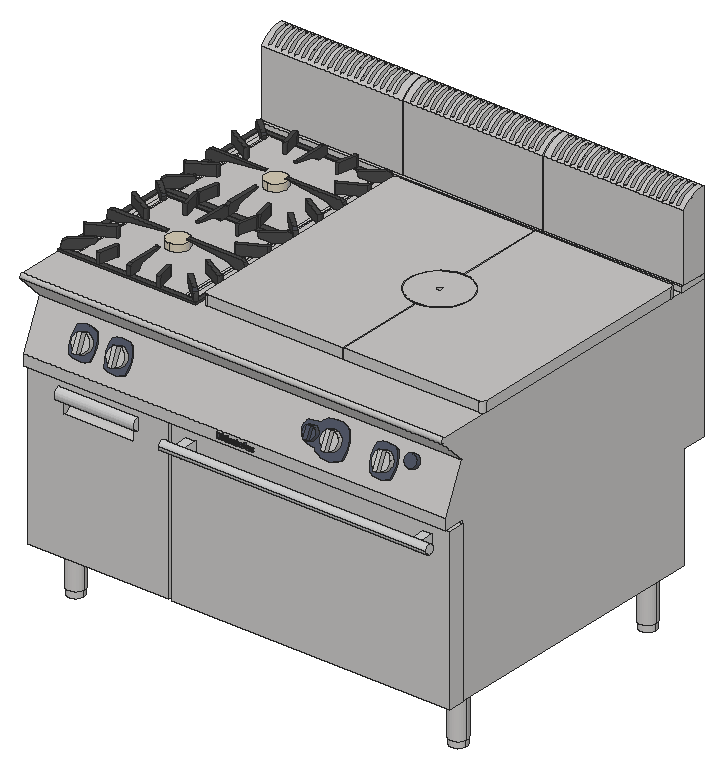
Revit family "QF_ELECTROLUXPROFESSIONAL_391215_E9STGL3031", category Specialty Equipment, Revit 2018 (continued)
Automatic sketch dimensions
  curve 115 to plane 4 "RIGHT" = 12.7 mm
  curve 114 to plane 4 "RIGHT" = 12.7 mm
  curve 69 to plane 4 "RIGHT" = 14.847 mm
  curve 13 to plane 4 "RIGHT" = 19.875 mm
  curve 68 to curve 70 = 9.296 mm
  curve 70 to curve 75 = 9.397 mm
  curve 72 to curve 74 = 9.296 mm
  curve 19 to plane 15 = 5.2 mm
  curve 76 to plane 15 = 3.768 mm
  plane 15 to curve 78 = 5.528 mm
  curve 78 to curve 80 = 9.397 mm
  plane 5 "FRONT" to curve 17 = 8.549 mm
  plane 15 to curve 17 = 20.2 mm
  curve 80 to curve 82 = 9.296 mm
  curve 82 to curve 84 = 9.397 mm
  curve 84 to curve 86 = 9.296 mm
  curve 86 to curve 88 = 9.397 mm
  curve 88 to curve 89 = 9.296 mm
  curve 89 to curve 93 = 9.397 mm
  curve 92 to curve 94 = 9.296 mm
  curve 94 to curve 99 = 9.397 mm
  curve 96 to curve 97 = 9.296 mm
  curve 97 to curve 24 = 9.397 mm
  curve 24 to curve 27 = 9.296 mm
  curve 26 to curve 28 = 9.397 mm
  curve 28 to curve 30 = 9.296 mm
  curve 30 to curve 32 = 9.397 mm
  curve 32 to curve 33 = 9.296 mm
  curve 33 to curve 36 = 9.397 mm
  curve 36 to curve 38 = 9.296 mm
  curve 40 to plane 18 = 8.842 mm
  plane 18 to curve 42 = 0.454 mm
  curve 42 to curve 44 = 9.397 mm
  curve 44 to curve 45 = 9.296 mm
  curve 45 to curve 48 = 9.397 mm
  curve 48 to curve 50 = 9.296 mm
  curve 50 to curve 52 = 9.397 mm
  curve 52 to curve 54 = 9.296 mm
  curve 53 to curve 56 = 9.397 mm
  curve 56 to curve 58 = 9.296 mm
  curve 58 to curve 60 = 9.397 mm
  curve 60 to curve 61 = 9.296 mm
  curve 61 to curve 65 = 9.397 mm
  curve 64 to curve 66 = 9.296 mm
  curve 66 to curve 20 = 9.397 mm
  curve 20 to curve 21 = 9.296 mm
  curve 21 to curve 110 = 16.57 mm
  plane 18 to curve 112 = 148.353 mm
  plane 8 "Center X" to curve 107 = 24.4 mm
  curve 110 to curve 107 = 1.245 mm
  curve 107 to curve 118 = 0.283 mm
  curve 116 to curve 111 = 0.04 mm
  curve 109 to curve 101 = 2.956 mm
  curve 111 to curve 106 = 2.634 mm
  curve 22 to curve 100 = 20.698 mm
  curve 206 to curve 100 = 0 mm
  curve 100 to curve 175 = 14.847 mm
  curve 174 to curve 175 = 9.296 mm
  curve 176 to curve 178 = 9.397 mm
  curve 178 to curve 181 = 9.296 mm
  curve 179 to curve 182 = 9.397 mm
  curve 182 to curve 184 = 9.296 mm
  curve 183 to curve 186 = 9.397 mm
  curve 186 to curve 187 = 9.296 mm
  curve 188 to curve 190 = 9.397 mm
  curve 190 to curve 191 = 9.296 mm
  curve 191 to curve 195 = 9.397 mm
  curve 194 to curve 196 = 9.296 mm
  curve 196 to curve 201 = 9.397 mm
  curve 198 to curve 201 = 9.296 mm
  curve 200 to curve 205 = 9.397 mm
  curve 202 to curve 205 = 9.296 mm
  curve 204 to curve 130 = 9.397 mm
  curve 130 to curve 132 = 9.296 mm
  curve 132 to curve 137 = 9.397 mm
  plane 7 "Center Y" to curve 136 = 7.624 mm
  curve 141 to plane 7 "Center Y" = 1.773 mm
  curve 138 to curve 140 = 9.296 mm
  curve 140 to curve 145 = 9.397 mm
  curve 142 to curve 144 = 9.296 mm
  curve 144 to curve 146 = 9.397 mm
  curve 146 to curve 147 = 9.296 mm
  curve 147 to curve 150 = 9.397 mm
  curve 150 to curve 152 = 9.296 mm
  curve 151 to curve 154 = 9.397 mm
  curve 154 to curve 157 = 9.296 mm
  curve 155 to curve 158 = 9.397 mm
  curve 158 to curve 160 = 9.296 mm
  curve 160 to curve 162 = 9.397 mm
  curve 162 to curve 165 = 9.296 mm
  plane 5 "FRONT" to curve 121 = 8.549 mm
  curve 121 to plane 7 "Center Y" = 123.8 mm
  curve 163 to curve 166 = 9.397 mm
  curve 166 to curve 168 = 9.296 mm
  curve 121 to curve 120 = 25.4 mm
  curve 167 to curve 171 = 9.397 mm
  curve 170 to curve 173 = 9.296 mm
  curve 172 to curve 126 = 9.397 mm
  curve 126 to curve 127 = 9.296 mm
  plane 5 "FRONT" to curve 18 = 7.049 mm
  curve 18 to curve 18 = 30.925 mm
  curve 102 to plane 11 = 13.3 mm
  curve 127 to curve 102 = 4.298 mm
  plane 12 to curve 104 = 31.371 mm
  curve 120 to curve 104 = 34.4 mm
  curve 102 to curve 102 = 12.7 mm
  curve 128 to curve 207 = 20.698 mm
  curve 10 to plane 3 "LEFT" = 100 mm
  curve 10 to plane 1 "BACK" = 100 mm
  plane 1 "BACK" to curve 181 = 6.761 mm
  plane 1 "BACK" to curve 182 = 6.761 mm
  plane 1 "BACK" to curve 177 = 6.761 mm
  plane 1 "BACK" to curve 204 = 6.761 mm
  plane 1 "BACK" to curve 201 = 6.761 mm
  plane 1 "BACK" to curve 173 = 6.761 mm
  plane 1 "BACK" to curve 197 = 6.761 mm
  plane 1 "BACK" to curve 20 = 6.761 mm
  plane 1 "BACK" to curve 169 = 6.761 mm
  plane 1 "BACK" to curve 24 = 6.761 mm
  plane 1 "BACK" to curve 165 = 6.761 mm
  plane 1 "BACK" to curve 28 = 6.761 mm
  plane 1 "BACK" to curve 161 = 6.761 mm
  plane 1 "BACK" to curve 32 = 6.761 mm
  plane 1 "BACK" to curve 157 = 6.761 mm
  plane 1 "BACK" to curve 186 = 6.761 mm
  plane 1 "BACK" to curve 36 = 6.761 mm
  plane 1 "BACK" to curve 153 = 6.761 mm
  plane 1 "BACK" to curve 40 = 6.761 mm
  plane 1 "BACK" to curve 149 = 6.761 mm
  plane 1 "BACK" to curve 44 = 6.761 mm
  plane 1 "BACK" to curve 145 = 6.761 mm
  plane 1 "BACK" to curve 48 = 6.761 mm
  plane 1 "BACK" to curve 141 = 6.761 mm
  plane 1 "BACK" to curve 52 = 6.761 mm
  plane 1 "BACK" to curve 137 = 6.761 mm
  plane 1 "BACK" to curve 56 = 6.761 mm
  plane 1 "BACK" to curve 133 = 6.761 mm
  plane 1 "BACK" to curve 60 = 6.761 mm
  plane 1 "BACK" to curve 129 = 6.761 mm
  plane 1 "BACK" to curve 64 = 6.761 mm
  plane 1 "BACK" to curve 190 = 6.761 mm
  plane 1 "BACK" to curve 68 = 6.761 mm
  plane 1 "BACK" to curve 72 = 6.761 mm
  plane 1 "BACK" to curve 99 = 6.761 mm
  plane 1 "BACK" to curve 76 = 6.761 mm
  plane 1 "BACK" to curve 95 = 6.761 mm
  plane 1 "BACK" to curve 80 = 6.761 mm
  plane 1 "BACK" to curve 91 = 6.761 mm
  plane 1 "BACK" to curve 84 = 6.761 mm
  curve 134 to curve 135 = 59.15 mm
  curve 160 to curve 159 = 59.15 mm
  curve 156 to curve 158 = 0 mm
  curve 152 to curve 154 = 0 mm
  curve 148 to curve 150 = 0 mm
  curve 144 to curve 146 = 0 mm
  curve 140 to curve 142 = 0 mm
  curve 188 to curve 188 = 59.15 mm
  curve 132 to curve 134 = 0 mm
  curve 204 to curve 130 = 0 mm
  curve 184 to curve 186 = 0 mm
  curve 180 to curve 182 = 0 mm
  curve 200 to curve 202 = 0 mm
  curve 176 to curve 178 = 0 mm
  curve 196 to curve 198 = 0 mm
  curve 172 to curve 102 = 36.089 mm
  curve 168 to curve 170 = 0 mm
  curve 171 to curve 128 = 0 mm
  curve 164 to curve 166 = 0 mm
  curve 187 to curve 190 = 0 mm
  curve 68 to curve 68 = 59.15 mm
  curve 66 to curve 101 = 36.089 mm
  curve 28 to curve 29 = 59.15 mm
  curve 28 to curve 26 = 0 mm
  curve 64 to curve 62 = 0 mm
  curve 22 to curve 65 = 0 mm
  curve 60 to curve 58 = 0 mm
  curve 56 to curve 54 = 0 mm
  curve 72 to curve 69 = 0 mm
  curve 86 to curve 73 = 0 mm
  curve 52 to curve 50 = 0 mm
  curve 24 to curve 98 = 0 mm
  curve 48 to curve 46 = 0 mm
  curve 76 to curve 73 = 0 mm
  curve 44 to curve 42 = 0 mm
  curve 96 to curve 94 = 0 mm
  curve 40 to curve 38 = 0 mm
  curve 80 to curve 77 = 0 mm
  curve 36 to curve 34 = 0 mm
  curve 92 to curve 90 = 0 mm
  curve 174 to curve 100 = 3.939 mm
  curve 6 to curve 7 = 6.35 mm
  curve 115 to plane 11 = 26 mm
  curve 110 to curve 107 = 85.486 mm
  curve 111 to curve 107 = 0.006 mm
  curve 107 to curve 117 = 2.881 mm
  curve 118 to curve 107 = 6.999 mm
  curve 107 to curve 111 = 0 mm
  curve 111 to curve 116 = 0.001 mm
  plane 12 to curve 114 = 31.371 mm
  plane 5 "FRONT" to curve 19 = 7.049 mm
  curve 125 to curve 121 = 1.5 mm
  curve 18 to curve 13 = 25.4 mm
  curve 2 to plane 13 = 0.129 mm
  Revolve 1 sketch curve to plane 9 "Base" = 0 mm  (x2)
  Revolve 1 sketch curve to level = 0 mm
  Revolve 1 sketch curve to plane 16 = 0 mm  (x2)
  Revolve 1 sketch curve to plane 16 = 22.9 mm
  Revolve 1 sketch curve to Revolve 1 sketch curve = 2.5 mm
  level to Revolve 1 sketch curve = 19.05 mm
  plane 9 "Base" to Revolve 1 sketch curve = 20 mm
  Revolve 2 sketch curve to plane 9 "Base" = 0 mm  (x2)
  Revolve 2 sketch curve to level = 0 mm
  Revolve 2 sketch curve to plane 16 = 0 mm  (x2)
  Revolve 2 sketch curve to plane 16 = 22.9 mm
  Revolve 2 sketch curve to Revolve 2 sketch curve = 2.5 mm
  level to Revolve 2 sketch curve = 19.05 mm
  plane 9 "Base" to Revolve 2 sketch curve = 20 mm
  Revolve 3 sketch curve to plane 9 "Base" = 0 mm  (x2)
  Revolve 3 sketch curve to level = 0 mm
  plane 15 to Revolve 3 sketch curve = 0 mm  (x2)
  Revolve 3 sketch curve to plane 15 = 22.9 mm
  Revolve 3 sketch curve to Revolve 3 sketch curve = 2.5 mm
  plane 9 "Base" to Revolve 3 sketch curve = 20 mm
  level to Revolve 3 sketch curve = 19.05 mm
  Revolve 4 sketch curve to plane 9 "Base" = 0 mm  (x2)
  Revolve 4 sketch curve to level = 0 mm
  plane 15 to Revolve 4 sketch curve = 0 mm  (x2)
  Revolve 4 sketch curve to plane 15 = 22.9 mm
  Revolve 4 sketch curve to Revolve 4 sketch curve = 2.5 mm
  plane 9 "Base" to Revolve 4 sketch curve = 20 mm
  level to Revolve 4 sketch curve = 19.05 mm
  Extrusion 5 sketch curve to plane 10 = 0 mm
  Extrusion 5 sketch curve to plane 9 "Base" = 0 mm
  Extrusion 5 sketch curve to plane 1 "BACK" = 0 mm
  Extrusion 5 sketch curve to plane 12 = 52.222 mm
  Extrusion 5 sketch curve to Extrusion 5 sketch curve = 3.175 mm
  Extrusion 5 sketch curve to Extrusion 5 sketch curve = 0.442 mm
  Extrusion 5 sketch curve to plane 12 = 58.266 mm
  Extrusion 5 sketch curve to plane 5 "FRONT" = 14.167 mm
  Extrusion 5 sketch curve to plane 5 "FRONT" = 8.63 mm
  Extrusion 5 sketch curve to plane 5 "FRONT" = 2.528 mm
  Extrusion 5 sketch curve to plane 10 = 240.721 mm
  Extrusion 5 sketch curve to Extrusion 5 sketch curve = 1.552 mm
  Extrusion 5 sketch curve to Extrusion 5 sketch curve = 31.298 mm
  Extrusion 5 sketch curve to plane 10 = 84.067 mm
  Extrusion 5 sketch curve to plane 10 = 14.732 mm
  Extrusion 6 sketch curve to Extrusion 5 = 0 mm  (x3)
  Extrusion 5 to Extrusion 6 sketch curve = 0 mm
  Extrusion 5 to Extrusion 6 sketch curve = 95.781 mm
  Extrusion 5 to Extrusion 6 sketch curve = 44.981 mm
  Extrusion 5 to Extrusion 6 sketch curve = 9.61 mm  (x2)
  Extrusion 5 to Extrusion 6 sketch curve = 100.253 mm
  Extrusion 6 sketch curve to Extrusion 6 sketch curve = 200.547 mm
  Extrusion 6 sketch curve to Extrusion 6 sketch curve = 99.7 mm
  Extrusion 6 sketch curve to Extrusion 6 sketch curve = 8 mm
  Extrusion 7 sketch curve to plane 10 = 0 mm
  Extrusion 7 sketch curve to plane 1 "BACK" = 0 mm
  plane 10 to Extrusion 7 sketch curve = 14.288 mm
  Extrusion 7 sketch curve to plane 11 = 49.8 mm
  Extrusion 8 sketch curve to plane 9 "Base" = 0 mm
  Extrusion 8 sketch curve to plane 13 = 0.129 mm
  Extrusion 8 sketch curve to plane 5 "FRONT" = 30.129 mm
  Extrusion 8 sketch curve to Extrusion 8 sketch curve = 44.603 mm
  plane 5 "FRONT" to Extrusion 9 sketch curve = 0 mm  (x2)
  Extrusion 9 sketch curve to plane 3 "LEFT" = 0 mm
  plane 1 "BACK" to Extrusion 9 sketch curve = 0 mm
  Extrusion 9 sketch curve to plane 4 "RIGHT" = 0 mm
  Extrusion 9 sketch curve to plane 3 "LEFT" = 100 mm
  plane 4 "RIGHT" to Extrusion 9 sketch curve = 100 mm
  Extrusion 9 sketch curve to plane 1 "BACK" = 100 mm
  plane 5 "FRONT" to Extrusion 10 sketch curve = 22.852 mm
  Extrusion 10 sketch curve to Extrusion 10 sketch curve = 0 mm  (x2)
  Extrusion 10 sketch curve to Extrusion 10 sketch curve = 1.139 mm
  Extrusion 10 sketch curve to Extrusion 10 sketch curve = 3.102 mm
  Extrusion 10 sketch curve to Extrusion 10 sketch curve = 4.033 mm
  Extrusion 10 sketch curve to Extrusion 10 sketch curve = 4.436 mm
  Extrusion 10 sketch curve to Extrusion 10 sketch curve = 5.898 mm
  plane 5 "FRONT" to Extrusion 10 sketch curve = 8.549 mm
  Extrusion 10 sketch curve to plane 5 "FRONT" = 30.129 mm
  Extrusion 10 sketch curve to plane 10 = 298.908 mm
  Extrusion 10 sketch curve to Extrusion 10 sketch curve = 3.343 mm
  Extrusion 10 sketch curve to Extrusion 10 sketch curve = 2.066 mm
  Extrusion 10 sketch curve to Extrusion 10 sketch curve = 5.312 mm
  Extrusion 10 sketch curve to Extrusion 10 sketch curve = 28.009 mm
  plane 5 "FRONT" to Extrusion 11 sketch curve = 22.852 mm
  Extrusion 11 sketch curve to Extrusion 11 sketch curve = 0 mm  (x2)
  Extrusion 11 sketch curve to Extrusion 11 sketch curve = 1.139 mm
  Extrusion 11 sketch curve to Extrusion 11 sketch curve = 3.102 mm
  Extrusion 11 sketch curve to Extrusion 11 sketch curve = 4.033 mm
  Extrusion 11 sketch curve to Extrusion 11 sketch curve = 4.436 mm
  Extrusion 11 sketch curve to Extrusion 11 sketch curve = 5.898 mm
  plane 5 "FRONT" to Extrusion 11 sketch curve = 8.549 mm
  Extrusion 11 sketch curve to plane 5 "FRONT" = 30.129 mm
  Extrusion 11 sketch curve to plane 10 = 270.899 mm
  Extrusion 11 sketch curve to Extrusion 11 sketch curve = 2.705 mm
  Extrusion 11 sketch curve to Extrusion 11 sketch curve = 5.987 mm
  Extrusion 11 sketch curve to Extrusion 11 sketch curve = 5.312 mm
  Extrusion 11 sketch curve to Extrusion 11 sketch curve = 28.009 mm
  plane 5 "FRONT" to Extrusion 12 sketch curve = 19.749 mm
  Extrusion 12 sketch curve to plane 10 = 279.591 mm
  Extrusion 13 sketch curve to plane 5 "FRONT" = 30.129 mm
  Extrusion 13 sketch curve to plane 10 = 302.451 mm
  Extrusion 13 sketch curve to Extrusion 13 sketch curve = 8.275 mm  (x2)
  Extrusion 13 sketch curve to Extrusion 13 sketch curve = 15.737 mm
  Extrusion 14 sketch curve to plane 5 "FRONT" = 27.352 mm
  Extrusion 14 sketch curve to Extrusion 14 sketch curve = 2.777 mm
  Extrusion 14 sketch curve to Extrusion 14 sketch curve = 24.63 mm
  Extrusion 14 sketch curve to Extrusion 14 sketch curve = 21.059 mm
  Extrusion 14 sketch curve to plane 10 = 334.95 mm
  Extrusion 14 sketch curve to Extrusion 14 sketch curve = 26.327 mm
  Extrusion 15 sketch curve to Extrusion 15 sketch curve = 0 mm  (x5)
  Extrusion 15 sketch curve to plane 4 "RIGHT" = 0 mm
  Extrusion 15 sketch curve to plane 11 = 26 mm
  Extrusion 15 sketch curve to Extrusion 15 sketch curve = 12.7 mm
  Extrusion 15 sketch curve to plane 11 = 13.3 mm
  plane 8 "Center X" to Extrusion 15 sketch curve = 109.886 mm
  Extrusion 15 sketch curve to Extrusion 15 sketch curve = 0.006 mm
  plane 8 "Center X" to Extrusion 15 sketch curve = 24.4 mm
  Extrusion 15 sketch curve to Extrusion 15 sketch curve = 0.001 mm
  plane 14 to Extrusion 15 sketch curve = 50.924 mm
  Extrusion 15 sketch curve to Extrusion 15 sketch curve = 0.017 mm
  Extrusion 15 sketch curve to plane 4 "RIGHT" = 12.7 mm
  plane 12 to Extrusion 15 sketch curve = 31.371 mm  (x2)
  plane 18 to Extrusion 15 sketch curve = 147.872 mm
  Extrusion 15 sketch curve to Extrusion 15 sketch curve = 0.481 mm
  Extrusion 15 sketch curve to Extrusion 15 sketch curve = 0.324 mm
  Extrusion 15 sketch curve to Extrusion 15 sketch curve = 0.04 mm
  Extrusion 15 sketch curve to Extrusion 15 sketch curve = 2.956 mm
  Extrusion 15 sketch curve to plane 7 "Center Y" = 183.6 mm
  Extrusion 16 sketch curve to plane 18 = 20.596 mm
  Extrusion 16 sketch curve to Extrusion 16 sketch curve = 0 mm
  Extrusion 16 sketch curve to Extrusion 16 sketch curve = 12.3 mm  (x3)
  Extrusion 16 sketch curve to Extrusion 16 sketch curve = 34.925 mm  (x2)
  plane 18 to Extrusion 16 sketch curve = 5.131 mm
  Extrusion 16 sketch curve to Extrusion 16 sketch curve = 46.691 mm
  Extrusion 16 sketch curve to plane 18 = 21.214 mm
  Extrusion 16 sketch curve to Extrusion 16 sketch curve = 25.114 mm
  Extrusion 18 sketch curve to Extrusion 18 sketch curve = 24.732 mm
  Extrusion 18 sketch curve to Extrusion 18 sketch curve = 0 mm
  plane 15 to Extrusion 19 sketch curve = 66.817 mm
  Extrusion 20 sketch curve to Extrusion 20 sketch curve = 0 mm  (x2)
  plane 18 to Extrusion 20 sketch curve = 128.641 mm
  Extrusion 20 sketch curve to Extrusion 20 sketch curve = 112.63 mm
  Extrusion 20 sketch curve to Extrusion 20 sketch curve = 1.398 mm
  Extrusion 20 sketch curve to Extrusion 20 sketch curve = 5.918 mm
  Extrusion 20 sketch curve to Extrusion 20 sketch curve = 7.825 mm
  Extrusion 20 sketch curve to Extrusion 20 sketch curve = 12.433 mm
  Extrusion 20 sketch curve to Extrusion 20 sketch curve = 33.329 mm
  Extrusion 20 sketch curve to Extrusion 20 sketch curve = 28.808 mm
  Extrusion 20 sketch curve to Extrusion 20 sketch curve = 2.986 mm
  Extrusion 20 sketch curve to Extrusion 20 sketch curve = 35.441 mm
  Extrusion 20 sketch curve to Extrusion 20 sketch curve = 23.969 mm
  Extrusion 20 sketch curve to Extrusion 20 sketch curve = 31.993 mm
  Extrusion 20 sketch curve to Extrusion 20 sketch curve = 0.131 mm
  Extrusion 20 sketch curve to Extrusion 20 sketch curve = 36.738 mm
  Extrusion 20 sketch curve to Extrusion 20 sketch curve = 6.105 mm
  plane 18 to Extrusion 20 sketch curve = 97.673 mm
  Extrusion 20 sketch curve to Extrusion 20 sketch curve = 0.002 mm
  Extrusion 20 sketch curve to Extrusion 20 sketch curve = 38.412 mm
  Extrusion 20 sketch curve to Extrusion 20 sketch curve = 39.831 mm
  Extrusion 20 sketch curve to Extrusion 20 sketch curve = 6.427 mm
  Extrusion 20 sketch curve to Extrusion 20 sketch curve = 11.842 mm
  Extrusion 22 sketch curve to Extrusion 22 sketch curve = 24.732 mm
  Extrusion 22 sketch curve to Extrusion 22 sketch curve = 0 mm
  Extrusion 24 sketch curve to Extrusion 24 sketch curve = 0 mm
  Extrusion 24 sketch curve to Extrusion 24 sketch curve = 7.232 mm  (x3)
  Extrusion 24 sketch curve to Extrusion 24 sketch curve = 17.5 mm
  Extrusion 24 sketch curve to Extrusion 24 sketch curve = 5.786 mm
  plane 16 to Extrusion 25 sketch curve = 61.596 mm
  Extrusion 25 sketch curve to Extrusion 25 sketch curve = 0 mm
  Extrusion 25 sketch curve to Extrusion 25 sketch curve = 12.3 mm  (x3)
  Extrusion 25 sketch curve to Extrusion 25 sketch curve = 34.925 mm  (x2)
  plane 16 to Extrusion 25 sketch curve = 35.869 mm
  Extrusion 25 sketch curve to Extrusion 25 sketch curve = 46.691 mm
  Extrusion 25 sketch curve to Extrusion 25 sketch curve = 26.344 mm
  Extrusion 25 sketch curve to Extrusion 25 sketch curve = 28.57 mm
  Extrusion 27 sketch curve to Extrusion 27 sketch curve = 24.732 mm
  Extrusion 27 sketch curve to Extrusion 27 sketch curve = 0 mm
  plane 16 to Extrusion 28 sketch curve = 161.596 mm
  Extrusion 28 sketch curve to Extrusion 28 sketch curve = 0 mm
  Extrusion 28 sketch curve to Extrusion 28 sketch curve = 12.3 mm  (x3)
  Extrusion 28 sketch curve to Extrusion 28 sketch curve = 34.925 mm  (x2)
  Extrusion 28 sketch curve to Extrusion 28 sketch curve = 46.691 mm
  Extrusion 28 sketch curve to Extrusion 28 sketch curve = 0.617 mm
  Extrusion 28 sketch curve to Extrusion 28 sketch curve = 28.57 mm
  Extrusion 28 sketch curve to Extrusion 28 sketch curve = 29.185 mm
  Extrusion 30 sketch curve to Extrusion 30 sketch curve = 24.732 mm
  Extrusion 30 sketch curve to Extrusion 30 sketch curve = 0 mm
  Extrusion 31 sketch curve to plane 4 "RIGHT" = 14.847 mm
  Extrusion 31 sketch curve to Extrusion 31 sketch curve = 9.296 mm  (x18)
  Extrusion 31 sketch curve to Extrusion 31 sketch curve = 9.397 mm  (x17)
  Extrusion 31 sketch curve to plane 15 = 3.768 mm
  plane 15 to Extrusion 31 sketch curve = 5.528 mm
  Extrusion 31 sketch curve to plane 18 = 8.842 mm
  plane 18 to Extrusion 31 sketch curve = 0.454 mm
  plane 1 "BACK" to Extrusion 31 sketch curve = 6.761 mm  (x20)
  Extrusion 31 sketch curve to Extrusion 31 sketch curve = 59.15 mm
  Extrusion 31 sketch curve to Extrusion 31 sketch curve = 0 mm  (x19)
  Extrusion 32 sketch curve to plane 1 "BACK" = 0 mm
  Extrusion 32 sketch curve to plane 17 = 0 mm
  plane 1 "BACK" to Extrusion 32 sketch curve = 1.769 mm
  Extrusion 32 sketch curve to plane 17 = 33.187 mm
  plane 1 "BACK" to Extrusion 32 sketch curve = 69.85 mm
  plane 10 to Extrusion 32 sketch curve = 14.288 mm
  plane 7 "Center Y" to Extrusion 33 sketch curve = 21.292 mm
  Extrusion 33 sketch curve to plane 10 = 235.567 mm
  Extrusion 33 sketch curve to plane 7 "Center Y" = 13.807 mm
  Extrusion 33 sketch curve to Extrusion 33 sketch curve = 5.041 mm
  plane 7 "Center Y" to Extrusion 33 sketch curve = 5.969 mm
  Extrusion 33 sketch curve to Extrusion 33 sketch curve = 5.06 mm
  Extrusion 33 sketch curve to Extrusion 33 sketch curve = 0 mm  (x27)
  Extrusion 33 sketch curve to Extrusion 33 sketch curve = 5.108 mm  (x2)
  Extrusion 33 sketch curve to Extrusion 33 sketch curve = 0.054 mm
  Extrusion 33 sketch curve to Extrusion 33 sketch curve = 0.218 mm
  Extrusion 33 sketch curve to Extrusion 33 sketch curve = 0.195 mm
  Extrusion 33 sketch curve to Extrusion 33 sketch curve = 0.249 mm
  Extrusion 33 sketch curve to Extrusion 33 sketch curve = 0.316 mm
  Extrusion 33 sketch curve to Extrusion 33 sketch curve = 0.087 mm
  Extrusion 33 sketch curve to Extrusion 33 sketch curve = 0.358 mm
  Extrusion 33 sketch curve to Extrusion 33 sketch curve = 0.481 mm
  Extrusion 33 sketch curve to Extrusion 33 sketch curve = 0.597 mm
  Extrusion 33 sketch curve to Extrusion 33 sketch curve = 0.544 mm
  Extrusion 33 sketch curve to Extrusion 33 sketch curve = 0.936 mm
  Extrusion 33 sketch curve to Extrusion 33 sketch curve = 0.594 mm
  Extrusion 33 sketch curve to Extrusion 33 sketch curve = 0.343 mm
  Extrusion 33 sketch curve to Extrusion 33 sketch curve = 0.159 mm
  Extrusion 33 sketch curve to Extrusion 33 sketch curve = 0.826 mm
  Extrusion 33 sketch curve to Extrusion 33 sketch curve = 0.839 mm
  Extrusion 33 sketch curve to Extrusion 33 sketch curve = 0.852 mm
  Extrusion 33 sketch curve to Extrusion 33 sketch curve = 0.887 mm
  Extrusion 33 sketch curve to Extrusion 33 sketch curve = 0.928 mm
  Extrusion 33 sketch curve to Extrusion 33 sketch curve = 0.938 mm
  Extrusion 33 sketch curve to Extrusion 33 sketch curve = 0.444 mm
  Extrusion 33 sketch curve to Extrusion 33 sketch curve = 1.11 mm  (x3)
  plane 7 "Center Y" to Extrusion 33 sketch curve = 43.726 mm
  Extrusion 33 sketch curve to Extrusion 33 sketch curve = 0.215 mm
  plane 7 "Center Y" to Extrusion 33 sketch curve = 0.332 mm
  Extrusion 33 sketch curve to Extrusion 33 sketch curve = 1.43 mm
  Extrusion 33 sketch curve to Extrusion 33 sketch curve = 1.188 mm
  Extrusion 33 sketch curve to Extrusion 33 sketch curve = 1.21 mm  (x2)
  Extrusion 33 sketch curve to Extrusion 33 sketch curve = 0.503 mm
  plane 7 "Center Y" to Extrusion 33 sketch curve = 48.995 mm
  Extrusion 33 sketch curve to Extrusion 33 sketch curve = 0.488 mm
  plane 7 "Center Y" to Extrusion 33 sketch curve = 52.922 mm
  Extrusion 33 sketch curve to Extrusion 33 sketch curve = 0.462 mm
  Extrusion 33 sketch curve to Extrusion 33 sketch curve = 1.386 mm
  Extrusion 33 sketch curve to Extrusion 33 sketch curve = 1.742 mm
  Extrusion 33 sketch curve to Extrusion 33 sketch curve = 0.821 mm
  Extrusion 33 sketch curve to Extrusion 33 sketch curve = 0.497 mm
  Extrusion 33 sketch curve to Extrusion 33 sketch curve = 0.539 mm
  Extrusion 33 sketch curve to Extrusion 33 sketch curve = 0.686 mm
  Extrusion 33 sketch curve to plane 7 "Center Y" = 0.042 mm
  Extrusion 33 sketch curve to Extrusion 33 sketch curve = 0.408 mm
  Extrusion 33 sketch curve to Extrusion 33 sketch curve = 0.743 mm
  Extrusion 33 sketch curve to Extrusion 33 sketch curve = 1.16 mm
  Extrusion 33 sketch curve to Extrusion 33 sketch curve = 0.329 mm
  Extrusion 33 sketch curve to Extrusion 33 sketch curve = 1.054 mm
  Extrusion 33 sketch curve to Extrusion 33 sketch curve = 1.056 mm
  Extrusion 33 sketch curve to Extrusion 33 sketch curve = 0.129 mm
  Extrusion 33 sketch curve to Extrusion 33 sketch curve = 0.489 mm
  Extrusion 33 sketch curve to plane 7 "Center Y" = 0.376 mm
  Extrusion 33 sketch curve to Extrusion 33 sketch curve = 0.441 mm
  Extrusion 33 sketch curve to Extrusion 33 sketch curve = 1.151 mm
  Extrusion 33 sketch curve to Extrusion 33 sketch curve = 1.141 mm  (x2)
  Extrusion 33 sketch curve to Extrusion 33 sketch curve = 0.768 mm
  Extrusion 33 sketch curve to Extrusion 33 sketch curve = 1.653 mm
  Extrusion 33 sketch curve to Extrusion 33 sketch curve = 0.499 mm
  Extrusion 33 sketch curve to Extrusion 33 sketch curve = 0.964 mm
  Extrusion 33 sketch curve to Extrusion 33 sketch curve = 0.949 mm
  Extrusion 33 sketch curve to Extrusion 33 sketch curve = 1.345 mm  (x3)
  Extrusion 33 sketch curve to Extrusion 33 sketch curve = 1.101 mm
  Extrusion 33 sketch curve to Extrusion 33 sketch curve = 0.432 mm
  Extrusion 33 sketch curve to Extrusion 33 sketch curve = 1.142 mm
  Extrusion 33 sketch curve to Extrusion 33 sketch curve = 0.959 mm
  Extrusion 33 sketch curve to Extrusion 33 sketch curve = 0.176 mm
  Extrusion 33 sketch curve to Extrusion 33 sketch curve = 0.728 mm
  Extrusion 33 sketch curve to Extrusion 33 sketch curve = 3.375 mm  (x2)
  Extrusion 33 sketch curve to Extrusion 33 sketch curve = 0.541 mm
  Extrusion 33 sketch curve to Extrusion 33 sketch curve = 0.955 mm
  Extrusion 33 sketch curve to Extrusion 33 sketch curve = 1.251 mm
  Extrusion 33 sketch curve to Extrusion 33 sketch curve = 0.572 mm
  plane 7 "Center Y" to Extrusion 33 sketch curve = 47.619 mm
  Extrusion 33 sketch curve to Extrusion 33 sketch curve = 1.92 mm
  Extrusion 33 sketch curve to Extrusion 33 sketch curve = 1.224 mm
  Extrusion 33 sketch curve to Extrusion 33 sketch curve = 0.745 mm
  Extrusion 33 sketch curve to Extrusion 33 sketch curve = 0.036 mm
  Extrusion 33 sketch curve to Extrusion 33 sketch curve = 0.896 mm  (x3)
  Extrusion 33 sketch curve to Extrusion 33 sketch curve = 2.607 mm
  Extrusion 33 sketch curve to Extrusion 33 sketch curve = 0.066 mm
  Extrusion 33 sketch curve to Extrusion 33 sketch curve = 0.248 mm
  Extrusion 33 sketch curve to Extrusion 33 sketch curve = 0.449 mm
  plane 7 "Center Y" to Extrusion 33 sketch curve = 46.838 mm
  Extrusion 33 sketch curve to Extrusion 33 sketch curve = 1.052 mm
  Extrusion 33 sketch curve to Extrusion 33 sketch curve = 1.863 mm
  Extrusion 33 sketch curve to Extrusion 33 sketch curve = 1.31 mm  (x2)
  Extrusion 33 sketch curve to Extrusion 33 sketch curve = 0.901 mm
  Extrusion 33 sketch curve to Extrusion 33 sketch curve = 1.107 mm
  Extrusion 33 sketch curve to Extrusion 33 sketch curve = 2.122 mm
  Extrusion 33 sketch curve to Extrusion 33 sketch curve = 2.101 mm
  Extrusion 33 sketch curve to Extrusion 33 sketch curve = 0.106 mm
  Extrusion 33 sketch curve to Extrusion 33 sketch curve = 0.029 mm
  plane 7 "Center Y" to Extrusion 33 sketch curve = 49.641 mm
  Extrusion 33 sketch curve to Extrusion 33 sketch curve = 2.09 mm
  Extrusion 33 sketch curve to Extrusion 33 sketch curve = 1.279 mm
  Extrusion 33 sketch curve to Extrusion 33 sketch curve = 2.008 mm
  Extrusion 33 sketch curve to Extrusion 33 sketch curve = 0.738 mm
  Extrusion 33 sketch curve to Extrusion 33 sketch curve = 0.382 mm
  Extrusion 33 sketch curve to Extrusion 33 sketch curve = 0.384 mm
  Extrusion 33 sketch curve to Extrusion 33 sketch curve = 0.002 mm
  Extrusion 33 sketch curve to Extrusion 33 sketch curve = 0.561 mm
  Extrusion 33 sketch curve to Extrusion 33 sketch curve = 0.592 mm
  Extrusion 33 sketch curve to Extrusion 33 sketch curve = 2.692 mm
  Extrusion 33 sketch curve to Extrusion 33 sketch curve = 1.259 mm
  plane 7 "Center Y" to Extrusion 33 sketch curve = 48.858 mm
  Extrusion 33 sketch curve to Extrusion 33 sketch curve = 0.802 mm
  Extrusion 33 sketch curve to Extrusion 33 sketch curve = 1.024 mm
  Extrusion 33 sketch curve to Extrusion 33 sketch curve = 0.682 mm
  Extrusion 33 sketch curve to Extrusion 33 sketch curve = 5.934 mm
  Extrusion 33 sketch curve to Extrusion 33 sketch curve = 2.186 mm
  Extrusion 33 sketch curve to Extrusion 33 sketch curve = 0.337 mm
  Extrusion 33 sketch curve to Extrusion 33 sketch curve = 0.021 mm
  Extrusion 33 sketch curve to Extrusion 33 sketch curve = 1.005 mm
  Extrusion 33 sketch curve to Extrusion 33 sketch curve = 0.552 mm
  Extrusion 33 sketch curve to Extrusion 33 sketch curve = 0.778 mm
  Extrusion 33 sketch curve to Extrusion 33 sketch curve = 0.063 mm
  Extrusion 33 sketch curve to Extrusion 33 sketch curve = 1.023 mm
  Extrusion 33 sketch curve to Extrusion 33 sketch curve = 3.804 mm
  Extrusion 33 sketch curve to Extrusion 33 sketch curve = 0.486 mm
  Extrusion 33 sketch curve to Extrusion 33 sketch curve = 0.266 mm
  Extrusion 33 sketch curve to plane 7 "Center Y" = 0.787 mm
  Extrusion 33 sketch curve to Extrusion 33 sketch curve = 1.547 mm
  Extrusion 33 sketch curve to Extrusion 33 sketch curve = 0.717 mm  (x2)
  Extrusion 33 sketch curve to Extrusion 33 sketch curve = 1.667 mm
  plane 7 "Center Y" to Extrusion 33 sketch curve = 44.532 mm
  Extrusion 33 sketch curve to Extrusion 33 sketch curve = 3.174 mm
  plane 7 "Center Y" to Extrusion 33 sketch curve = 0.368 mm
  Extrusion 33 sketch curve to Extrusion 33 sketch curve = 0.388 mm
  Extrusion 33 sketch curve to Extrusion 33 sketch curve = 1.342 mm
  plane 7 "Center Y" to Extrusion 33 sketch curve = 50.135 mm
  Extrusion 33 sketch curve to Extrusion 33 sketch curve = 1.521 mm
  plane 7 "Center Y" to Extrusion 33 sketch curve = 51.694 mm
  Extrusion 33 sketch curve to Extrusion 33 sketch curve = 0.124 mm
  Extrusion 33 sketch curve to Extrusion 33 sketch curve = 0.291 mm
  plane 7 "Center Y" to Extrusion 33 sketch curve = 7.285 mm
  Extrusion 33 sketch curve to Extrusion 33 sketch curve = 1.049 mm  (x2)
  plane 7 "Center Y" to Extrusion 33 sketch curve = 47.668 mm
  Extrusion 33 sketch curve to Extrusion 33 sketch curve = 1.7 mm
  Extrusion 33 sketch curve to Extrusion 33 sketch curve = 0.894 mm
  Extrusion 33 sketch curve to Extrusion 33 sketch curve = 0.989 mm
  Extrusion 33 sketch curve to Extrusion 33 sketch curve = 1.168 mm
  Extrusion 33 sketch curve to Extrusion 33 sketch curve = 1.594 mm
  Extrusion 33 sketch curve to Extrusion 33 sketch curve = 0.731 mm
  Extrusion 33 sketch curve to Extrusion 33 sketch curve = 1.566 mm
  Extrusion 33 sketch curve to Extrusion 33 sketch curve = 0.064 mm
  plane 7 "Center Y" to Extrusion 33 sketch curve = 7.842 mm
  Extrusion 33 sketch curve to Extrusion 33 sketch curve = 0.556 mm
  Extrusion 33 sketch curve to Extrusion 33 sketch curve = 0.48 mm
  Extrusion 33 sketch curve to Extrusion 33 sketch curve = 0.228 mm
  Extrusion 33 sketch curve to Extrusion 33 sketch curve = 1.018 mm
  plane 7 "Center Y" to Extrusion 33 sketch curve = 37.429 mm
  Extrusion 33 sketch curve to Extrusion 33 sketch curve = 0.787 mm
  Extrusion 33 sketch curve to Extrusion 33 sketch curve = 0.618 mm
  plane 7 "Center Y" to Extrusion 33 sketch curve = 42.486 mm
  Extrusion 33 sketch curve to Extrusion 33 sketch curve = 1.672 mm
  plane 7 "Center Y" to Extrusion 33 sketch curve = 53.436 mm
  Extrusion 33 sketch curve to Extrusion 33 sketch curve = 1.361 mm
  Extrusion 33 sketch curve to Extrusion 33 sketch curve = 0.822 mm
  Extrusion 33 sketch curve to Extrusion 33 sketch curve = 0.069 mm
  Extrusion 33 sketch curve to Extrusion 33 sketch curve = 1.88 mm
  plane 7 "Center Y" to Extrusion 33 sketch curve = 35.269 mm
  Extrusion 33 sketch curve to Extrusion 33 sketch curve = 0.42 mm
  Extrusion 33 sketch curve to Extrusion 33 sketch curve = 0.062 mm
  Extrusion 33 sketch curve to Extrusion 33 sketch curve = 1.355 mm
  Extrusion 33 sketch curve to Extrusion 33 sketch curve = 2.34 mm
  Extrusion 33 sketch curve to Extrusion 33 sketch curve = 0.493 mm
  Extrusion 33 sketch curve to Extrusion 33 sketch curve = 0.136 mm
  Extrusion 33 sketch curve to Extrusion 33 sketch curve = 0.128 mm
  Extrusion 33 sketch curve to Extrusion 33 sketch curve = 3.616 mm
  Extrusion 33 sketch curve to Extrusion 33 sketch curve = 4.207 mm
  Extrusion 33 sketch curve to Extrusion 33 sketch curve = 0.183 mm
  Extrusion 33 sketch curve to Extrusion 33 sketch curve = 0.895 mm
  Extrusion 33 sketch curve to Extrusion 33 sketch curve = 1.314 mm
  Extrusion 33 sketch curve to Extrusion 33 sketch curve = 3.231 mm
  Extrusion 33 sketch curve to plane 7 "Center Y" = 23.526 mm
  Extrusion 33 sketch curve to Extrusion 33 sketch curve = 1.299 mm
  Extrusion 33 sketch curve to Extrusion 33 sketch curve = 1.214 mm
  plane 7 "Center Y" to Extrusion 33 sketch curve = 26.369 mm
  Extrusion 33 sketch curve to Extrusion 33 sketch curve = 1.264 mm
  Extrusion 33 sketch curve to Extrusion 33 sketch curve = 0.109 mm
  Extrusion 33 sketch curve to Extrusion 33 sketch curve = 0.357 mm
  Extrusion 33 sketch curve to Extrusion 33 sketch curve = 0.565 mm
  Extrusion 33 sketch curve to Extrusion 33 sketch curve = 2.504 mm
  Extrusion 33 sketch curve to Extrusion 33 sketch curve = 2.459 mm
  Extrusion 33 sketch curve to Extrusion 33 sketch curve = 0.983 mm
  Extrusion 33 sketch curve to Extrusion 33 sketch curve = 0.422 mm  (x2)
  Extrusion 33 sketch curve to Extrusion 33 sketch curve = 1.268 mm
  Extrusion 33 sketch curve to Extrusion 33 sketch curve = 0.671 mm
  Extrusion 33 sketch curve to Extrusion 33 sketch curve = 1.634 mm
  Extrusion 33 sketch curve to Extrusion 33 sketch curve = 0.132 mm
  Extrusion 33 sketch curve to Extrusion 33 sketch curve = 0.586 mm
  Extrusion 33 sketch curve to Extrusion 33 sketch curve = 1.241 mm
  Extrusion 33 sketch curve to Extrusion 33 sketch curve = 1.689 mm
  Extrusion 33 sketch curve to Extrusion 33 sketch curve = 0.627 mm
  Extrusion 33 sketch curve to Extrusion 33 sketch curve = 0.419 mm
  Extrusion 33 sketch curve to Extrusion 33 sketch curve = 1.514 mm
  Extrusion 33 sketch curve to Extrusion 33 sketch curve = 1.019 mm
  Extrusion 33 sketch curve to Extrusion 33 sketch curve = 0.065 mm
  Extrusion 33 sketch curve to Extrusion 33 sketch curve = 1.215 mm
  Extrusion 33 sketch curve to Extrusion 33 sketch curve = 1.122 mm
  Extrusion 33 sketch curve to Extrusion 33 sketch curve = 1.153 mm
  Extrusion 33 sketch curve to Extrusion 33 sketch curve = 1.223 mm
  Extrusion 33 sketch curve to Extrusion 33 sketch curve = 0.934 mm
  Extrusion 33 sketch curve to Extrusion 33 sketch curve = 3.376 mm
  Extrusion 33 sketch curve to Extrusion 33 sketch curve = 0.222 mm
  Extrusion 33 sketch curve to Extrusion 33 sketch curve = 1.383 mm
  Extrusion 33 sketch curve to Extrusion 33 sketch curve = 1.556 mm
  Extrusion 33 sketch curve to Extrusion 33 sketch curve = 2.559 mm
  Extrusion 33 sketch curve to Extrusion 33 sketch curve = 2.51 mm
  Extrusion 33 sketch curve to Extrusion 33 sketch curve = 0.131 mm
  Extrusion 33 sketch curve to Extrusion 33 sketch curve = 1.134 mm
  Extrusion 33 sketch curve to Extrusion 33 sketch curve = 0.094 mm
  Extrusion 33 sketch curve to Extrusion 33 sketch curve = 1.584 mm
  Extrusion 33 sketch curve to Extrusion 33 sketch curve = 0.27 mm
  Extrusion 33 sketch curve to Extrusion 33 sketch curve = 0.916 mm
  Extrusion 33 sketch curve to Extrusion 33 sketch curve = 0.352 mm
  Extrusion 33 sketch curve to Extrusion 33 sketch curve = 0.458 mm
  Extrusion 33 sketch curve to Extrusion 33 sketch curve = 1.282 mm
  Extrusion 33 sketch curve to Extrusion 33 sketch curve = 1.363 mm
  Extrusion 33 sketch curve to Extrusion 33 sketch curve = 0.685 mm
  Extrusion 33 sketch curve to Extrusion 33 sketch curve = 0.905 mm
  Extrusion 33 sketch curve to Extrusion 33 sketch curve = 1.477 mm
  Extrusion 33 sketch curve to Extrusion 33 sketch curve = 0.472 mm
  Extrusion 33 sketch curve to Extrusion 33 sketch curve = 0.101 mm
  Extrusion 33 sketch curve to Extrusion 33 sketch curve = 0.54 mm
  Extrusion 33 sketch curve to Extrusion 33 sketch curve = 0.02 mm
  Extrusion 33 sketch curve to Extrusion 33 sketch curve = 0.829 mm
  Extrusion 33 sketch curve to Extrusion 33 sketch curve = 0.582 mm
  Extrusion 33 sketch curve to Extrusion 33 sketch curve = 0.166 mm
  Extrusion 33 sketch curve to Extrusion 33 sketch curve = 0.16 mm
  Extrusion 33 sketch curve to Extrusion 33 sketch curve = 1.118 mm
  Extrusion 33 sketch curve to Extrusion 33 sketch curve = 0.613 mm
  Extrusion 33 sketch curve to Extrusion 33 sketch curve = 0.781 mm
  Extrusion 33 sketch curve to Extrusion 33 sketch curve = 0.361 mm
  Extrusion 33 sketch curve to Extrusion 33 sketch curve = 0.897 mm
  Extrusion 33 sketch curve to Extrusion 33 sketch curve = 0.167 mm
  Extrusion 33 sketch curve to Extrusion 33 sketch curve = 0.292 mm
  Extrusion 33 sketch curve to Extrusion 33 sketch curve = 0.305 mm
  Extrusion 33 sketch curve to Extrusion 33 sketch curve = 1.557 mm
  Extrusion 33 sketch curve to Extrusion 33 sketch curve = 2.499 mm
  Extrusion 33 sketch curve to Extrusion 33 sketch curve = 3.062 mm
  Extrusion 33 sketch curve to Extrusion 33 sketch curve = 2.968 mm
  Extrusion 33 sketch curve to Extrusion 33 sketch curve = 5.044 mm
  Extrusion 33 sketch curve to Extrusion 33 sketch curve = 0.629 mm  (x2)
  Extrusion 33 sketch curve to Extrusion 33 sketch curve = 1.131 mm
  Extrusion 33 sketch curve to Extrusion 33 sketch curve = 0.137 mm
  Extrusion 33 sketch curve to Extrusion 33 sketch curve = 0.027 mm
  Extrusion 33 sketch curve to Extrusion 33 sketch curve = 2.046 mm
  Extrusion 33 sketch curve to Extrusion 33 sketch curve = 2.235 mm
  Extrusion 34 sketch curve to Extrusion 5 = 43 mm
  Extrusion 34 sketch curve to Extrusion 5 = 277.222 mm
  Extrusion 35 sketch curve to plane 11 = 62.089 mm  (x2)
  plane 18 to Extrusion 35 sketch curve = 166.847 mm
  Extrusion 35 sketch curve to Extrusion 35 sketch curve = 9.296 mm  (x19)
  Extrusion 35 sketch curve to Extrusion 35 sketch curve = 9.397 mm  (x18)
  plane 7 "Center Y" to Extrusion 35 sketch curve = 7.624 mm
  Extrusion 35 sketch curve to plane 7 "Center Y" = 1.773 mm
  Extrusion 35 sketch curve to Extrusion 35 sketch curve = 0 mm  (x18)
  plane 1 "BACK" to Extrusion 35 sketch curve = 6.761 mm  (x20)
  Extrusion 36 sketch curve to plane 1 "BACK" = 0 mm
  Extrusion 36 sketch curve to plane 17 = 0 mm
  plane 1 "BACK" to Extrusion 36 sketch curve = 1.769 mm
  Extrusion 36 sketch curve to plane 17 = 33.187 mm
  plane 1 "BACK" to Extrusion 36 sketch curve = 69.85 mm
  plane 10 to Extrusion 36 sketch curve = 14.288 mm
  Extrusion 37 sketch curve to Extrusion 5 = 0 mm
  Extrusion 37 sketch curve to Extrusion 5 = 123 mm
  Extrusion 5 to Extrusion 37 sketch curve = 585.75 mm
  Extrusion 5 to Extrusion 37 sketch curve = 205.75 mm
  Extrusion 5 to Extrusion 38 sketch curve = 43 mm  (x2)
  Extrusion 39 sketch curve to Extrusion 5 = 47 mm
  Extrusion 39 sketch curve to Extrusion 5 = 32 mm
  Extrusion 40 sketch curve to Extrusion 37 = 10 mm
  Extrusion 40 sketch curve to Extrusion 37 = 42.25 mm
  plane 3 "LEFT" to Extrusion 41 sketch curve = 14.847 mm
  Extrusion 41 sketch curve to Extrusion 41 sketch curve = 9.296 mm  (x19)
  Extrusion 41 sketch curve to Extrusion 41 sketch curve = 9.397 mm  (x18)
  Extrusion 41 sketch curve to plane 16 = 3.768 mm
  plane 16 to Extrusion 41 sketch curve = 5.528 mm
  plane 1 "BACK" to Extrusion 41 sketch curve = 63.911 mm  (x2)
  Extrusion 41 sketch curve to Extrusion 41 sketch curve = 0 mm  (x18)
  plane 1 "BACK" to Extrusion 41 sketch curve = 6.761 mm  (x20)
  Extrusion 42 sketch curve to plane 1 "BACK" = 0 mm
  Extrusion 42 sketch curve to plane 17 = 0 mm
  plane 1 "BACK" to Extrusion 42 sketch curve = 1.769 mm
  Extrusion 42 sketch curve to plane 17 = 33.187 mm
  plane 1 "BACK" to Extrusion 42 sketch curve = 69.85 mm
  plane 10 to Extrusion 42 sketch curve = 14.288 mm
  plane 1 "BACK" to curve 208 = 6.761 mm
  plane 3 "LEFT" to curve 208 = 14.847 mm
  curve 208 to curve 210 = 9.296 mm
  curve 208 to curve 208 = 57.15 mm
  curve 210 to curve 212 = 9.397 mm
  curve 212 to curve 214 = 9.296 mm
  curve 210 to curve 215 = 0 mm
  plane 1 "BACK" to curve 212 = 6.761 mm
  curve 216 to plane 16 = 3.768 mm
  plane 16 to curve 218 = 5.528 mm
  curve 214 to curve 219 = 0 mm
  plane 1 "BACK" to curve 216 = 6.761 mm
  curve 218 to curve 220 = 9.397 mm
  curve 220 to curve 222 = 9.296 mm
  curve 218 to curve 223 = 0 mm
  plane 1 "BACK" to curve 220 = 6.761 mm
  curve 222 to curve 224 = 9.397 mm
  curve 224 to curve 226 = 9.296 mm
  curve 222 to curve 227 = 0 mm
  plane 1 "BACK" to curve 224 = 6.761 mm
  curve 225 to curve 228 = 9.397 mm
  curve 228 to curve 230 = 9.296 mm
  curve 226 to curve 231 = 0 mm
  plane 1 "BACK" to curve 228 = 6.761 mm
  curve 229 to curve 232 = 9.397 mm
  curve 232 to curve 234 = 9.296 mm
  curve 230 to curve 235 = 0 mm
  plane 1 "BACK" to curve 232 = 6.761 mm
  curve 234 to curve 236 = 9.397 mm
  curve 236 to curve 238 = 9.296 mm
  curve 234 to curve 239 = 0 mm
  plane 1 "BACK" to curve 236 = 6.761 mm
  curve 238 to curve 240 = 9.397 mm
  curve 240 to curve 242 = 9.296 mm
  curve 238 to curve 243 = 0 mm
  plane 1 "BACK" to curve 240 = 6.761 mm
  curve 242 to curve 244 = 9.397 mm
  curve 244 to curve 246 = 9.296 mm
  curve 242 to curve 247 = 0 mm
  plane 1 "BACK" to curve 244 = 6.761 mm
  curve 246 to curve 248 = 9.397 mm
  curve 248 to curve 250 = 9.296 mm
  curve 246 to curve 251 = 0 mm
  plane 1 "BACK" to curve 248 = 6.761 mm
  curve 249 to curve 252 = 9.397 mm
  curve 252 to curve 254 = 9.296 mm
  curve 250 to curve 255 = 0 mm
  plane 1 "BACK" to curve 252 = 6.761 mm
  curve 253 to curve 256 = 9.397 mm
  curve 256 to curve 258 = 9.296 mm
  curve 254 to curve 259 = 0 mm
  plane 1 "BACK" to curve 256 = 6.761 mm
  curve 257 to curve 260 = 9.397 mm
  curve 260 to curve 262 = 9.296 mm
  curve 258 to curve 263 = 0 mm
  plane 1 "BACK" to curve 260 = 6.761 mm
  curve 261 to curve 264 = 9.397 mm
  curve 264 to curve 266 = 9.296 mm
  curve 262 to curve 267 = 0 mm
  plane 1 "BACK" to curve 264 = 6.761 mm
  curve 266 to curve 268 = 9.397 mm
  curve 268 to curve 270 = 9.296 mm
  curve 266 to curve 271 = 0 mm
  plane 1 "BACK" to curve 268 = 6.761 mm
  curve 270 to curve 272 = 9.397 mm
  curve 272 to curve 274 = 9.296 mm
  curve 270 to curve 275 = 0 mm
  plane 1 "BACK" to curve 272 = 6.761 mm
  curve 274 to curve 276 = 9.397 mm
  curve 276 to curve 278 = 9.296 mm
  curve 274 to curve 279 = 0 mm
  plane 1 "BACK" to curve 276 = 6.761 mm
  curve 278 to curve 280 = 9.397 mm
  curve 280 to curve 282 = 9.296 mm
  curve 278 to curve 283 = 0 mm
  plane 1 "BACK" to curve 280 = 6.761 mm
  curve 282 to curve 284 = 9.397 mm
  curve 284 to curve 286 = 9.296 mm
  curve 282 to curve 287 = 0 mm
  plane 1 "BACK" to curve 284 = 6.761 mm
  radius of Extrusion 12 sketch curve = 12.7 mm
  radius of Extrusion 15 sketch curve = 82.6 mm
  radius of Extrusion 15 sketch curve = 7 mm
  radius of Extrusion 17 sketch curve = 25.4 mm
  radius of Extrusion 18 sketch curve to Extrusion 17 = 0 mm  (x2)
  radius of Extrusion 19 sketch curve = 17.78 mm
  radius of Extrusion 21 sketch curve = 25.4 mm
  radius of Extrusion 22 sketch curve to Extrusion 21 = 0 mm  (x2)
  radius of Extrusion 23 sketch curve = 18.37 mm
  radius of Extrusion 26 sketch curve = 25.4 mm
  radius of Extrusion 27 sketch curve to Extrusion 26 = 0 mm  (x2)
  radius of Extrusion 29 sketch curve = 25.4 mm
  radius of Extrusion 30 sketch curve to Extrusion 29 = 0 mm  (x2)
  radius of Extrusion 34 sketch curve = 12.7 mm
  radius of Extrusion 38 sketch curve = 6.35 mm
  radius of Extrusion 39 sketch curve = 6.35 mm
  radius of Extrusion 40 sketch curve = 6.35 mm
Nested families
  nested 1: "371009_BURNER" at (0, -440.6, 0), type "371009_BURNER"
    with Type Mark "", Status "", Specification by User "", Revision Code "", Item Number "", Installed By "", Identify Quantity as Lot yes, Furnished By "", Foodservice Equipment Identifier yes
  nested 2: "371009_BURNER" at (0, -440.6, 0), type "371009_BURNER"
    with Type Mark "", Status "", Specification by User "", Revision Code "", Item Number "", Installed By "", Identify Quantity as Lot yes, Furnished By "", Foodservice Equipment Identifier yes
Connectors
  piping at (1153, -32, 408), diameter 12.8
    settings: on Extrusion 39, index 1, connector inside diameter 0.50394", connector length 0 mm, flow factor 0, pipe flow 0 GPM, pressure drop 0.00 psi, fitting loss kfactor 0, connector angle 0.00°, fixture units 0, engagement length 0 mm, angle of deflection 0.00°, flow configuration 1, flow direction 1, fitting loss method 0, system type 7, joint type 0, gender type 0, connector reference index -1, connector utility 0, adjustable connector no, is connector primary yes, connector description "GAS CONNECTION"
  electrical at (952, -61, 322), driven by "Volts", driven by "Watts"
    settings: on Extrusion 40, index 2, voltage 230 V, apparent load 0 VA, apparent load phase1 0 VA, apparent load phase2 0 VA, apparent load phase3 0 VA, power factor 1, load classification "Other", number of poles 1, system type 30, power factor state 1, is connector primary yes, connector utility no, sub classification motor no, connector description "ELECTRICAL CONNECTION"
Definition of nested family "371009_BURNER"
  Parameters
    Weight in Pounds = 0
    URL Cutsheet = ""
    URL = "www.electrolux.com"
    Type Mark [instance] = ""
    Status [instance] = ""
    Specification by User [instance] = ""
    Specification by Manufacturer = ""
    Show Clearance [instance] = yes
    Serial Number = ""
    Seismic Rating = ""
    SMACNA No = ""
    Revision Code [instance] = ""
    Omniclass Number and Title = ""
    NAFEM Spec ID Number = ""
    Model = "371009"
    Masterspec = ""
    Manufacturer = "ELECTROLUX"
    Item Number [instance] = ""
    Installed By [instance] = ""
    Identify Quantity as Lot [instance] = yes
    Furnished By [instance] = ""
    Foodservice Equipment Identifier [instance] = yes
    Description = ""
    CSI MasterFormat = ""
    CSI Master Format = ""
  Reference planes
    plane 1 "BACK": y = 0
    plane 2: z = 0
    plane 3 "LEFT": x = 0
    plane 4 "RIGHT": x = 393.7
    plane 5 "FRONT": y = -355.6
    plane 6 "TOP": z = 908.85
    plane 7 "Center Y": x = 196.85
    plane 8 "Center X": y = -177.8
    plane 9 "Base": z = 150
    plane 10: z = 850.85
  Forms (mm)
    Extrusion 1, solid
      sketch origin (-6.433, -404.961, 5) x (1, 0, 0) y (0, 0, -1)
        loop
          arc (7.142, -850.85) -> (6.739, -862.989) -> (9.761, -874.752) r 42.809
          line (9.761, -874.752) -> (19.961, -879.425) -> (173.122, -879.425)
          arc (173.122, -879.425) -> (174.316, -878.312) -> (173.289, -877.043) r 1.197
          line (173.289, -877.043) -> (64.848, -864.021)
          arc (64.848, -864.021) -> (50.111, -858.738) -> (36.589, -850.85) r 85.245
          line (36.589, -850.85) -> (7.142, -850.85)
        loop
          line (399.424, -850.85) -> (369.977, -850.85)
          arc (369.977, -850.85) -> (356.455, -858.738) -> (341.718, -864.021) r 85.245
          line (341.718, -864.021) -> (233.277, -877.043)
          arc (233.277, -877.043) -> (232.25, -878.312) -> (233.444, -879.425) r 1.197
          line (233.444, -879.425) -> (386.605, -879.425) -> (396.806, -874.752)
          arc (396.806, -874.752) -> (399.827, -862.989) -> (399.424, -850.85) r 42.809
      from 224.564 to 234.564
    Extrusion 2, solid
      sketch origin (196.85, 175.397, 1219.2) x (0, 1, 0) y (0, 0, 1)
        loop
          line (-204.463, -363.35) -> (-175.397, -363.35) -> (-175.397, -339.506)
          arc (-175.397, -339.506) -> (-181.025, -338.266) -> (-185.611, -334.775) r 13.39
          line (-185.611, -334.775) -> (-278.903, -334.775)
          arc (-278.903, -334.775) -> (-280.097, -335.888) -> (-279.07, -337.157) r 1.197
          line (-279.07, -337.157) -> (-227.151, -347.464)
          arc (-227.151, -347.464) -> (-213.741, -352.457) -> (-204.463, -363.35) r 28.426
        loop
          arc (-496.332, -363.35) -> (-487.053, -352.457) -> (-473.644, -347.464) r 28.426
          line (-473.644, -347.464) -> (-421.725, -337.157)
          arc (-421.725, -337.157) -> (-420.697, -335.888) -> (-421.891, -334.775) r 1.197
          line (-421.891, -334.775) -> (-515.184, -334.775)
          arc (-515.184, -334.775) -> (-519.769, -338.266) -> (-525.397, -339.506) r 13.39
          line (-525.397, -339.506) -> (-525.397, -363.35) -> (-496.332, -363.35)
      from -5 to 5
    Extrusion 3, solid
      sketch origin (-6.433, 367.064, 850.85) x (0, -1, 0) y (1, 0, 0)
        loop
          line (722.664, 6.433) -> (722.664, 400.133) -> (367.064, 400.133) -> (367.064, 6.433) -> (722.664, 6.433)
        loop
          line (382.064, 21.433) -> (707.664, 21.433) -> (707.664, 385.133) -> (382.064, 385.133) -> (382.064, 21.433)
      from 0 to 5
    Extrusion 4, solid
      sketch origin (-18.933, 367.064, 855.85) x (0, -1, 0) y (1, 0, 0)
        loop
          circle (541.667, 215.783) r 30
      from -1.321 to 17.134
    Extrusion 5, solid
      sketch origin (-6.433, -367.064, 0) x (1, 0, 0) y (0, 0, -1)
        loop
          line (21.433, -855.85) -> (36.589, -855.85)
          arc (36.589, -855.85) -> (40.561, -855.243) -> (44.305, -853.783) r 18.259
          arc (44.305, -853.783) -> (45.997, -853.366) -> (47.69, -853.783) r 3.649
          arc (47.69, -853.783) -> (49.901, -854.522) -> (52.232, -854.529) r 7.328
          line (52.232, -854.529) -> (354.334, -854.529)
          arc (354.334, -854.529) -> (356.666, -854.522) -> (358.877, -853.783) r 7.328
          arc (358.877, -853.783) -> (360.569, -853.366) -> (362.261, -853.783) r 3.649
          arc (362.261, -853.783) -> (366.005, -855.243) -> (369.977, -855.85) r 18.259
          line (369.977, -855.85) -> (385.133, -855.85) -> (385.133, -850.85) -> (21.433, -850.85) -> (21.433, -855.85)
      from 26.464 to 352.064
    Extrusion 6, solid
      sketch origin (83.284, -458.334, 5) x (0.742103, 0.670286, 0) y (0, 0, -1)
        loop
          arc (88.629, -864.012) -> (73.909, -858.731) -> (60.402, -850.85) r 85.245
          line (60.402, -850.85) -> (14.993, -850.85)
          arc (14.993, -850.85) -> (14.642, -862.948) -> (17.686, -874.663) r 42.876
          line (17.686, -874.663) -> (27.899, -879.425) -> (89.664, -879.425)
          arc (89.664, -879.425) -> (92.39, -878.352) -> (93.654, -875.709) r 4
          arc (93.654, -875.709) -> (92.562, -869.25) -> (88.629, -864.012) r 13.87
        loop
          arc (457.638, -864.012) -> (453.704, -869.25) -> (452.613, -875.709) r 13.87
          arc (452.613, -875.709) -> (453.876, -878.352) -> (456.603, -879.425) r 4
          line (456.603, -879.425) -> (518.367, -879.425) -> (528.581, -874.663)
          arc (528.581, -874.663) -> (531.624, -862.948) -> (531.273, -850.85) r 42.876
          line (531.273, -850.85) -> (485.865, -850.85)
          arc (485.865, -850.85) -> (472.357, -858.731) -> (457.638, -864.012) r 85.245
      from 127.064 to 137.064
    Extrusion 7, solid
      sketch origin (310.416, -458.334, 5) x (-0.742103, 0.670286, 0) y (0, 0, 1)
        loop
          arc (88.629, 864.012) -> (92.562, 869.25) -> (93.654, 875.709) r 13.87
          arc (93.654, 875.709) -> (92.39, 878.352) -> (89.664, 879.425) r 4
          line (89.664, 879.425) -> (27.899, 879.425) -> (17.686, 874.663)
          arc (17.686, 874.663) -> (14.642, 862.948) -> (14.993, 850.85) r 42.876
          line (14.993, 850.85) -> (60.402, 850.85)
          arc (60.402, 850.85) -> (73.909, 858.731) -> (88.629, 864.012) r 85.245
        loop
          arc (457.638, 864.012) -> (472.357, 858.731) -> (485.865, 850.85) r 85.245
          line (485.865, 850.85) -> (531.273, 850.85)
          arc (531.273, 850.85) -> (531.624, 862.948) -> (528.581, 874.663) r 42.876
          line (528.581, 874.663) -> (518.367, 879.425) -> (456.603, 879.425)
          arc (456.603, 879.425) -> (453.876, 878.352) -> (452.613, 875.709) r 4
          arc (452.613, 875.709) -> (453.704, 869.25) -> (457.638, 864.012) r 13.87
      from 127.064 to 137.064
    Extrusion 8, solid
      sketch origin (-6.433, 367.064, 855.85) x (0, -1, 0) y (1, 0, 0)
        loop
          arc (626.166, 9.428) -> (632.956, 7.454) -> (634.93, 14.244) r 5
          line (634.93, 14.244) -> (600.514, 76.878)
          arc (600.514, 76.878) -> (593.724, 78.852) -> (591.75, 72.062) r 5
          line (591.75, 72.062) -> (626.166, 9.428)
        loop
          line (463.562, 9.428) -> (497.977, 72.062)
          arc (497.977, 72.062) -> (496.003, 78.852) -> (489.213, 76.878) r 5
          line (489.213, 76.878) -> (454.798, 14.244)
          arc (454.798, 14.244) -> (456.772, 7.454) -> (463.562, 9.428) r 5
        loop
          line (626.166, 397.138) -> (591.75, 334.504)
          arc (591.75, 334.504) -> (593.724, 327.714) -> (600.514, 329.689) r 5
          line (600.514, 329.689) -> (634.93, 392.323)
          arc (634.93, 392.323) -> (632.956, 399.113) -> (626.166, 397.138) r 5
        loop
          arc (463.562, 397.138) -> (456.772, 399.113) -> (454.798, 392.323) r 5
          line (454.798, 392.323) -> (489.213, 329.689)
          arc (489.213, 329.689) -> (496.003, 327.714) -> (497.977, 334.504) r 5
          line (497.977, 334.504) -> (463.562, 397.138)
        loop
          line (715.14, 293.499) -> (666.703, 282.317)
          arc (666.703, 282.317) -> (662.956, 276.32) -> (668.953, 272.573) r 5
          line (668.953, 272.573) -> (717.389, 283.756)
          arc (717.389, 283.756) -> (721.136, 289.752) -> (715.14, 293.499) r 5
        loop
          arc (715.14, 113.067) -> (721.136, 116.814) -> (717.389, 122.811) r 5
          line (717.389, 122.811) -> (668.953, 133.993)
          arc (668.953, 133.993) -> (662.956, 130.246) -> (666.703, 124.249) r 5
          line (666.703, 124.249) -> (715.14, 113.067)
        loop
          arc (374.588, 293.499) -> (368.591, 289.752) -> (372.338, 283.756) r 5
          line (372.338, 283.756) -> (420.775, 272.573)
          arc (420.775, 272.573) -> (426.771, 276.32) -> (423.024, 282.317) r 5
          line (423.024, 282.317) -> (374.588, 293.499)
        loop
          line (374.588, 113.067) -> (423.024, 124.249)
          arc (423.024, 124.249) -> (426.771, 130.246) -> (420.775, 133.993) r 5
          line (420.775, 133.993) -> (372.338, 122.811)
          arc (372.338, 122.811) -> (368.591, 116.814) -> (374.588, 113.067) r 5
      from 0 to 28.575
  Lines and regions (mm)
    symbolic lines
      curve 1: line (0, -355.6, 150) -> (393.7, -355.6, 150)
      curve 2: line (0, 0, 150) -> (0, -355.6, 150)
      curve 3: line (393.7, -355.6, 150) -> (393.7, 0, 150)
      curve 4: line (369.633, -15, 150) -> (285.34, -15, 150)
      curve 5: line (24.067, -340.6, 150) -> (108.36, -340.6, 150)
      curve 6: line (157.475, -170.397, 150) -> (157.475, -15, 150)
      curve 7: line (236.225, -170.397, 150) -> (236.225, -15, 150)
      curve 8: line (201.85, -350, 150) -> (201.85, -176.674, 150)
      curve 9: line (0, -180.397, 150) -> (167.224, -180.397, 150)
      curve 10: line (393.7, -170.397, 150) -> (228.275, -170.397, 150)
      curve 11: line (15, -180.397, 150) -> (15, -252.506, 150)
      curve 12: line (45.799, -340.6, 150) -> (45.799, -320.971, 150)
      curve 13: line (167.224, -170.397, 150) -> (0, -170.397, 150)
      curve 14: line (228.275, -180.504, 150) -> (393.7, -180.504, 150)
      curve 15: arc (228.275, -170.397, 150) -> (223.221, -175.45, 150) -> (228.275, -180.504, 150) r 5.054
      curve 16: arc (167.224, -170.397, 150) -> (172.224, -175.397, 150) -> (167.224, -180.397, 150) r 5
      curve 17: line (191.85, -176.674, 150) -> (191.85, -350, 150)
      curve 18: line (201.85, -134.556, 150) -> (201.85, -0.794, 150)
